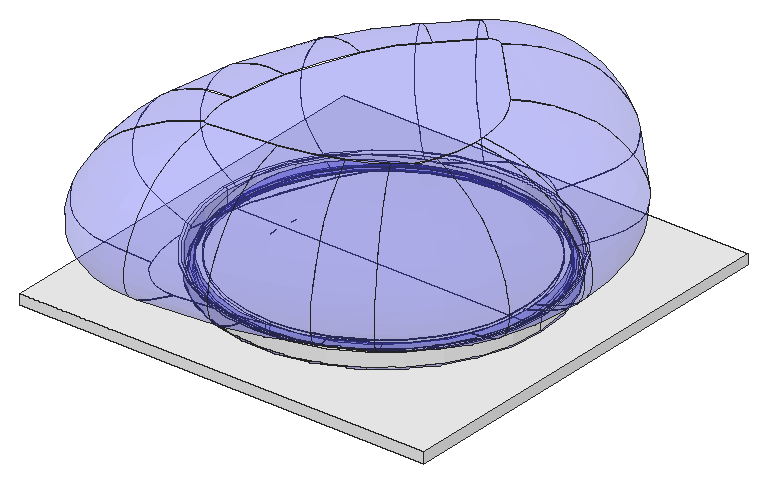
Revit family "BE_51130_de_DE", category Leuchten, Revit 2020
Family settings
  Basisbauteil = Fläche
  Bemaßung runder Anschluss = Durchmesser verwenden
  Teiletyp = Normal
  Beim Laden mit Abzugskörper schneiden = Ja
  Lichtquelle = Ja
  Gemeinsam genutzt = Nein
  Raumberechnungspunkt = Ja
Parameters (values of type "BEGA_51130_K3")
  built-in parameter 1150104 = 9.2977 (stored number, unit not read)
  Wattage = 26.4 W
  Default Elevation = 0 mm
  built-in parameter 1150113 = 1 (stored number, unit not read)
  built-in parameter 1114218 = 1 (stored number, unit not read)
  Umgebungstemperatur = "25 °C"
  URL = "https://www.bega.com/de/produkt/51130"
  Typenkommentare = "© 2022 BEGA. Wir behalten uns das Recht vor, technische Änderungen ohne vorherige Ankündigung vorzunehmen."  # constant formula
  built-in parameter 1150134 = (empty or 0)
  built-in parameter 1150109 = 1 (stored number, unit not read)
  Strom = ""
  built-in parameter 1150110 = 1 (stored number, unit not read)
  Spannung = 239.996 V
  Sonderanfertigung = no
  Seriennummer [instance] = "Hier können Sie die eindeutige Seriennummer für das Facility Management eintragen."
  Schutzklasse = "I"
  Schutzart = "IP 20"
  Scheinlast = 0 VA
  Produktdatenblatt = "https://cdn.bega.com/bega/products/51130K27/current/documents/data-sheets/de"
  Oberflächentemperatur = ""
  Neigungswinkel = 0.00°
  Modell = "51130K3"
  Material_34 = BEGA_Oberfläche_Samtweiss_matt
  Material_11 = BEGA_Glas_opal
  Logo = 0
  built-in parameter 1114217 = 1 (stored number, unit not read)
  built-in parameter 1150139 = (empty or 0)
  built-in parameter 1150105 = 210.25 (stored number, unit not read)
  built-in parameter 1150114 = 1 (stored number, unit not read)
  Lumens = 2642.11 lm
  built-in parameter 1150115 = 1 (stored number, unit not read)
  Leuchtenlichtstrom = "2642 lm"
  Leuchtenanzahl = ""
  Lebensdauerkriterien = "L70B50 @ 25 °C =  h"
  Lastklassifizierung = Beleuchtung
  built-in parameter 1150112 = 1 (stored number, unit not read)
  Lampenlichtstrom = "3970 lm"
  Lampe = "LED 26.4 W"
  LED_Modulbezeichnung = "LED-0510/930"
  built-in parameter 1150142 = (empty or 0)
  Hersteller = "BEGA"  # constant formula
  Halbstreuwinkel = ""
  Gewicht = ""
  Gebrauchslageneinschränkung [instance] = ""
  Frequenz = "0/50-60 Hz"
  Farbwiedergabeindex = "CRI > 90"
  Farbtemperaturverschiebung bei Dämpfen der Lampe = <Keine Auswahl>
  Farbtemperatur = "3000 K"
  Color Filter = 16777215
  built-in parameter 1150133 = 10 (stored number, unit not read)
  Energieeffizienzklasse = "LED A++ - A"
  built-in parameter 1150137 = (empty or 0)
  built-in parameter 1150132 = (empty or 0)
  ENEC = ""
  Dimmbar [instance] = "DALI"
  Datei für fotometrisches Netz = "BE_51130K3.IES"
  CE_Konformität = "ja"
  Bestellnummer = "51130K3"
  Beschreibung_Sonderanfertigung = "Hier können Sie Informationen zur Sonderanfertigung eintragen."
  Beschreibung = "Wandleuchte"
  built-in parameter 1150106 = 2.1025 (stored number, unit not read)
  Befestigungsbohrung = "Ø 5,5 mm"
  Befestigungsabstand = "230 mm"
  Ballwurfsicher = ""
  BEGA_Intern = yes
  BEGA_Dummy = no
  Anschlussleitung = ""
  Anschlussleistung [instance] = "30 W"
  Anschlusskasten = ""
  built-in parameter 1150107 = 3000 (stored number, unit not read)
  built-in parameter 1150102 = (empty or 0)
  built-in parameter 1150138 = (empty or 0)
  Aktualisierung = "2022-07-04T04:00:09"
  Abstand_zur_angestrahlten_Fläche [instance] = ""
  AC/DC = "AC/DC"
Types (2, lengths in mm): name | built-in parameter 1150104 | Modell | built-in parameter 1150105 | Lumens | Leuchtenlichtstrom | Lampenlichtstrom | LED_Modulbezeichnung | Farbtemperatur | Datei für fotometrisches Netz | Bestellnummer | built-in parameter 1150106 | built-in parameter 1150107
  BEGA_51130_K27 | 9.0014 (stored number, unit not read) | "51130K27" | 203.55 (stored number, unit not read) | 2557.9 lm | "2558 lm" | "3845 lm" | "LED-0510/927" | "2700 K" | "BE_51130K27.IES" | "51130K27" | 2.0355 (stored number, unit not read) | 2700 (stored number, unit not read)
  BEGA_51130_K3 | 9.2977 (stored number, unit not read) | "51130K3" | 210.25 (stored number, unit not read) | 2642.11 lm | "2642 lm" | "3970 lm" | "LED-0510/930" | "3000 K" | "BE_51130K3.IES" | "51130K3" | 2.1025 (stored number, unit not read) | 3000 (stored number, unit not read)
Reference planes
  plane 1 "Mitte (Vorne/Hinten)": y = 0
  plane 2: z = 0
  plane 3 "Mitte (Links/Rechts)": x = 0
  plane 4 "Links": x = -204.794
  plane 5 "Rechts": x = 203.359
  plane 6 "Unten": y = -220.295
  plane 7 "Oben": y = 240
  plane 8 "Vorne": z = 152.081
Forms (mm)
  Extrusion 1, solid, material "BEGA_Platte_Weiss"
    sketch origin (0, -1119.2, 0) x (1, 0, 0) y (0, 1, 0)
      loop
        line (-200, 1319.2) -> (-200, 919.2) -> (200, 919.2) -> (200, 1319.2) -> (-200, 1319.2)
    from 0 to -10
  Extrusion 2, solid, material "BEGA_Dummy_matt", visible <- "BEGA_Dummy"
    sketch origin (77.149, -76.023, 0) x (1, 0, 0) y (0, 1, 0)
      loop
        circle (-77.149, 76.023) r 250
    from 0 to 152.081
Dimensions and locks
  plane 1 "Mitte (Vorne/Hinten)" to Extrusion 1 = 200 mm
  aligned and locked: plane 2 to Extrusion 1
  aligned and locked: level to Extrusion 1
Nested families
  nested 1: "BE_51130_Leuchte" at (0, 0, 0), type "BE_51130_Leuchte"
Connectors
  electrical at (0, 0, 0), driven by "Lastklassifizierung", driven by "Spannung", driven by "Scheinlast"
    settings: index 1, voltage 239.996 V, apparent load 0 VA, apparent load phase1 0 VA, apparent load phase2 0 VA, apparent load phase3 0 VA, power factor 1, load classification "Beleuchtung", number of poles 1, system type 31, power factor state 1, is connector primary yes, connector utility no, sub classification motor no, connector description ""
Definition of nested family "BE_51130_Leuchte"
  Parameters (values of type "BE_51130_Leuchte")
    Default Elevation = 1 mm
    URL = "http://www.bega.de/de/produkt"
    Type Comments = "© 2015 BEGA. Wir behalten uns das Recht vor, technische Änderungen ohne vorherige Ankündigung vorzunehmen. "  # constant formula
    Type Image = (empty or 0)
    Material_34 = none
    Material_11 = none
    Länge_Platte = 200 mm  # constant formula
    Höhe_Platte = -10 mm  # constant formula
    Manufacturer = "BEGA"  # constant formula
    Breite_Platte = 200 mm  # constant formula
  Reference planes
    plane 1 "Mitte (Oben/Unten)": y = 0
    plane 2: z = 0
    plane 3 "Mitte (Links/Rechts)": x = 0
    plane 4: x = 203.359
    plane 5: y = 240
    plane 6: x = -204.794
    plane 7: y = -220.295
    plane 8: z = 152.081
  Forms (mm)
    Extrusion 1, solid, detail levels medium
      sketch origin (0, 0, 0) x (1, 0, 0) y (0, 1, 0)
        loop
          line (-100, 100) -> (-100, -100) -> (100, -100) -> (100, 100) -> (-100, 100)
      from 0 to -10 <- "Höhe_Platte"
    Extrusion 2, solid, material <- "Material_11"
      sketch origin (0, 0, 0) x (1, 0, 0) y (0, 1, 0)
        loop
          spline (208.405, 11.383) -> (132.069, 172.084) -> (37.346, 240.048) -> (-35.848, 236.046) -> (-120.683, 166.92) -> (-176.277, 71.229) -> (-205.14, -21.314) -> (-202.706, -124.361) -> (-155.527, -204.374) -> (-53.217, -223.804) -> (44.99, -206.323) -> (140.211, -157.178) -> (209.061, -11.23)
          arc (209.061, -11.23) -> (209.022, 0.084) -> (208.405, 11.383) r 221.774
      from 19.22 to 152.081
    Sweep 3, void
      path origin (0, 0, 0) x (1, 0, 0) y (0, 1, 0)
        loop
          arc (125.823, 4.759) -> (118.672, 46.375) -> (98.04, 83.217) r 124.672
          arc (98.04, 83.217) -> (67.451, 117.609) -> (35.194, 150.441) r 927.758
          arc (35.194, 150.441) -> (7.718, 161.565) -> (-19.757, 150.441) r 39.492
          arc (-19.757, 150.441) -> (-35.866, 134.587) -> (-51.719, 118.479) r 1414.967
          arc (-51.719, 118.479) -> (-73.193, 92.468) -> (-90.29, 63.393) r 212.947
          arc (-90.29, 63.393) -> (-105.004, 28.877) -> (-116.244, -6.921) r 380.276
          arc (-116.244, -6.921) -> (-122.417, -35.227) -> (-126.298, -63.937) r 360.639
          arc (-126.298, -63.937) -> (-125.513, -93.124) -> (-117.755, -121.272) r 120.902
          arc (-117.755, -121.272) -> (-104.528, -137.115) -> (-84.603, -142.496) r 34.29
          arc (-84.603, -142.496) -> (-50.131, -140.112) -> (-15.839, -135.861) r 636.629
          arc (-15.839, -135.861) -> (15.961, -128.82) -> (46.525, -117.567) r 241.644
          arc (46.525, -117.567) -> (64.353, -108.849) -> (81.536, -98.92) r 287.116
          arc (81.536, -98.92) -> (102.953, -79.972) -> (117.034, -55.084) r 86.628
          arc (117.034, -55.084) -> (123.609, -30.547) -> (125.823, -5.241) r 145.732
          line (125.823, -5.241) -> (125.823, 4.759)
      profile origin (125.823, -0.241, 0) x (1, 0, 0) y (0, 0, 1)
        loop
          spline (-30.843, 152.081) -> (3.509, 145.897) -> (23.501, 137.835) -> (35.767, 131.651) -> (45.195, 124.753) -> (55.556, 114.26) -> (65.909, 100.557) -> (73.756, 85.128) -> (77.401, 69.442) -> (76.127, 54.948) -> (68.854, 42.85) -> (50.211, 31.856) -> (12.326, 19.22)
          line (12.326, 19.22) -> (12.326, 7.045) -> (117.326, 7.045) -> (117.326, 152.081) -> (-30.843, 152.081)
    Revolve 4, solid, material <- "Material_11"
      sketch origin (0, 0, 0) x (0, 1, 0) y (0, 0, 1)
        loop
          line (144.634, 30.527) -> (140, 30.527) -> (140, 16.077)
          arc (140, 16.077) -> (142.003, 11.383) -> (146.778, 9.576) r 6.5
          arc (146.778, 9.576) -> (147.481, 9.328) -> (147.817, 8.664) r 1
          line (147.817, 8.664) -> (147.963, 7) -> (151.478, 7) -> (151.311, 10.178)
          arc (151.311, 10.178) -> (150.891, 11.304) -> (149.901, 11.985) r 2
          line (149.901, 11.985) -> (147.271, 12.798)
          arc (147.271, 12.798) -> (146.424, 13.457) -> (146.04, 14.459) r 2
          line (146.04, 14.459) -> (144.634, 30.527)
        axis (0, 30.527) -> (0, 7)
      angle from 0 to 360
    Revolve 5, solid, material <- "Material_34"
      sketch origin (0, 0, 0) x (1, 0, 0) y (0, 0, 1)
        loop
          line (-159, 20.8) -> (-159, 19.8) -> (-156.827, 19.8)
          arc (-156.827, 19.8) -> (-156.266, 19.571) -> (-156.024, 19.014) r 0.8
          line (-156.024, 19.014) -> (-155.767, 4.265)
          arc (-155.767, 4.265) -> (-155.169, 2.873) -> (-153.767, 2.3) r 2
          line (-153.767, 2.3) -> (-124.43, 2.3) -> (-123.399, 1.072)
          arc (-123.399, 1.072) -> (-122.369, 0.281) -> (-121.101, 0) r 3
          line (-121.101, 0) -> (-108.899, 0)
          arc (-108.899, 0) -> (-107.631, 0.281) -> (-106.601, 1.072) r 3
          line (-106.601, 1.072) -> (-105.57, 2.3) -> (0, 2.3) -> (0, 7) -> (-151.479, 7) -> (-151.673, 3.3) -> (-154.75, 3.3) -> (-155.028, 19.031)
          arc (-155.028, 19.031) -> (-155.566, 20.284) -> (-156.828, 20.8) r 1.8
          line (-156.828, 20.8) -> (-159, 20.8)
        axis (0, 20.8) -> (0, 0)
      angle from 0 to 360
  Cuts and joins
    Sweep 3 cuts Extrusion 2
    joined: Extrusion 2, Revolve 4
  Dimensions and locks
    equal spacing: Extrusion 1 sketch curve, plane 3 "Mitte (Links/Rechts)", Extrusion 1 sketch curve
    equal spacing: Extrusion 1 sketch curve, plane 1 "Mitte (Oben/Unten)", Extrusion 1 sketch curve
    "Länge_Platte": Extrusion 1 sketch curve to Extrusion 1 sketch curve
    "Breite_Platte": Extrusion 1 sketch curve to Extrusion 1 sketch curve
    plane 1 "Mitte (Oben/Unten)" to Extrusion 1 = 100 mm  (x3)
    aligned and locked: plane 2 to Extrusion 1
    aligned and locked: level to Extrusion 1
  Automatic sketch dimensions
    Extrusion 2 sketch curve to Extrusion 2 sketch curve = 0.656 mm
    plane 1 "Mitte (Oben/Unten)" to Sweep 3 sketch curve = 5.241 mm
    plane 3 "Mitte (Links/Rechts)" to Sweep 3 sketch curve = 1.151 mm
    Sweep 3 sketch curve to Sweep 3 sketch curve = 65.612 mm
    Sweep 3 sketch curve to Sweep 3 sketch curve = 24.58 mm
    Sweep 3 sketch curve to Sweep 3 sketch curve = 19.003 mm
    Sweep 3 sketch curve to Sweep 3 sketch curve = 49.851 mm
    plane 1 "Mitte (Oben/Unten)" to Sweep 3 sketch curve = 97.851 mm
    Sweep 3 sketch curve to Sweep 3 sketch curve = 4.951 mm
    Sweep 3 sketch curve to Sweep 3 sketch curve = 32.929 mm
    Sweep 3 sketch curve to plane 1 "Mitte (Oben/Unten)" = 4.759 mm
    Sweep 3 sketch curve to Sweep 3 sketch curve = 19.021 mm
    Sweep 3 sketch curve to Sweep 3 sketch curve = 41.516 mm
    Sweep 3 sketch curve to Sweep 3 sketch curve = 0 mm  (x11)
    Sweep 3 sketch curve to profile plane = 12.326 mm
    Sweep 3 sketch curve to profile plane = 117.326 mm
    level to Sweep 3 sketch curve = 7.045 mm
    Sweep 3 sketch curve to Sweep 3 sketch curve = 12.176 mm
    Sweep 3 sketch curve to Sweep 3 sketch curve = 145.037 mm
    profile plane to Sweep 3 sketch curve = 30.843 mm
    Revolve 4 sketch curve to plane 1 "Mitte (Oben/Unten)" = 0 mm
    level to Revolve 4 sketch curve = 16.077 mm
    Revolve 4 sketch curve to Revolve 4 sketch curve = 4.634 mm
    level to Revolve 4 sketch curve = 14.459 mm
    Revolve 4 sketch curve to Revolve 4 sketch curve = 6.04 mm
    Revolve 4 sketch curve to Revolve 4 sketch curve = 0.46 mm
    Revolve 4 sketch curve to Revolve 4 sketch curve = 0.781 mm
    Revolve 4 sketch curve to Revolve 4 sketch curve = 1.142 mm
    Revolve 4 sketch curve to Revolve 4 sketch curve = 1.991 mm
    Revolve 4 sketch curve to Revolve 4 sketch curve = 2.493 mm
    level to Revolve 4 sketch curve = 11.985 mm
    Revolve 4 sketch curve to Revolve 4 sketch curve = 0.587 mm
    level to Revolve 4 sketch curve = 7 mm
    Revolve 4 sketch curve to Revolve 4 sketch curve = 3.515 mm
    Revolve 4 sketch curve to Revolve 4 sketch curve = 1.577 mm
    Revolve 4 sketch curve to Revolve 4 sketch curve = 1.912 mm
    Revolve 4 sketch curve to Revolve 4 sketch curve = 0.189 mm
    Revolve 4 sketch curve to Revolve 4 sketch curve = 14.45 mm
    Revolve 4 sketch curve to Revolve 4 sketch curve = 0.043 mm
    Revolve 4 sketch curve to Revolve 4 sketch curve = 0 mm  (x4)
    Revolve 4 sketch curve to Revolve 4 sketch curve = 0.76 mm
    level to Revolve 4 sketch curve = 12.785 mm
    Revolve 4 sketch curve to Revolve 4 sketch curve = 0.013 mm
    Revolve 4 sketch curve to Revolve 4 sketch curve = 0.996 mm
    level to Revolve 4 sketch curve = 8.664 mm
    Revolve 4 sketch curve to Revolve 4 sketch curve = 1.997 mm
    level to Revolve 4 sketch curve = 10.178 mm
    level to Revolve 5 sketch curve = 20.8 mm
    Revolve 5 sketch curve to Revolve 5 sketch curve = 2.172 mm
    Revolve 5 sketch curve to Revolve 5 sketch curve = 1 mm
    Revolve 5 sketch curve to Revolve 5 sketch curve = 0.001 mm
    Revolve 5 sketch curve to Revolve 5 sketch curve = 0.8 mm  (x2)
    Revolve 5 sketch curve to Revolve 5 sketch curve = 1.8 mm
    Revolve 5 sketch curve to Revolve 5 sketch curve = 0 mm  (x2)
    Revolve 5 sketch curve to Revolve 5 sketch curve = 0.26 mm
    Revolve 5 sketch curve to Revolve 5 sketch curve = 0.035 mm
    level to Revolve 5 sketch curve = 19.014 mm
    Revolve 5 sketch curve to Revolve 5 sketch curve = 0.002 mm
    level to Revolve 5 sketch curve = 19.031 mm
    Revolve 5 sketch curve to Revolve 5 sketch curve = 0.003 mm
    level to Revolve 5 sketch curve = 3.3 mm
    Revolve 5 sketch curve to Revolve 5 sketch curve = 1.017 mm
    Revolve 5 sketch curve to Revolve 5 sketch curve = 0.983 mm
    Revolve 5 sketch curve to Revolve 5 sketch curve = 3.077 mm
    Revolve 5 sketch curve to Revolve 5 sketch curve = 27.243 mm
    level to Revolve 5 sketch curve = 3 mm  (x2)
    Revolve 5 sketch curve to Revolve 5 sketch curve = 42.774 mm
    level to Revolve 5 sketch curve = 2.3 mm  (x2)
    Revolve 5 sketch curve to Revolve 5 sketch curve = 1.031 mm  (x2)
    level to Revolve 5 sketch curve = 1.072 mm  (x4)
    Revolve 5 sketch curve to Revolve 5 sketch curve = 2.288 mm
    level to Revolve 5 sketch curve = 7 mm
    Revolve 5 sketch curve to plane 3 "Mitte (Links/Rechts)" = 0 mm  (x2)
    Revolve 5 sketch curve to level = 0 mm
    Revolve 5 sketch curve to Revolve 5 sketch curve = 2.298 mm
    Revolve 4 sketch curve to level = 609.6 mm
    Sweep 3 sketch curve to Sweep 3 sketch curve = 115.709 mm
    Sweep 3 sketch curve to plane 3 "Mitte (Links/Rechts)" = 610.268 mm
    Sweep 3 sketch curve to plane 3 "Mitte (Links/Rechts)" = 111.268 mm
    Revolve 5 sketch curve to level = 609.6 mm
    Revolve 4 sketch curve to Revolve 4 sketch curve = 2313.28 mm
    Revolve 5 sketch curve to Revolve 5 sketch curve = 2588.258 mm
    Sweep 3 sketch curve to plane 3 "Mitte (Links/Rechts)" = 86.04 mm
    Sweep 3 sketch curve to plane 3 "Mitte (Links/Rechts)" = 70.612 mm
    Sweep 3 sketch curve to Sweep 3 sketch curve = 18.551 mm
    Sweep 3 sketch curve to plane 3 "Mitte (Links/Rechts)" = 19.909 mm
    Sweep 3 sketch curve to plane 3 "Mitte (Links/Rechts)" = 5.931 mm
    Revolve 5 sketch curve to Revolve 5 sketch curve = 105.57 mm
    Extrusion 2 sketch curve to plane 3 "Mitte (Links/Rechts)" = 12.659 mm
    plane 3 "Mitte (Links/Rechts)" to Sweep 3 sketch curve = 7.718 mm
    plane 3 "Mitte (Links/Rechts)" to Sweep 3 sketch curve = 35.631 mm
    Sweep 3 sketch curve to Sweep 3 sketch curve = 349.007 mm
    plane 3 "Mitte (Links/Rechts)" to Extrusion 2 sketch curve = 208.405 mm
    plane 1 "Mitte (Oben/Unten)" to Extrusion 2 sketch curve = 6.347 mm
    Sweep 3 sketch curve to Sweep 3 sketch curve = 106.92 mm
    plane 3 "Mitte (Links/Rechts)" to Sweep 3 sketch curve = 964.667 mm
    plane 1 "Mitte (Oben/Unten)" to Sweep 3 sketch curve = 29.673 mm
    plane 1 "Mitte (Oben/Unten)" to Extrusion 2 sketch curve = 11.23 mm
    Sweep 3 sketch curve to plane 1 "Mitte (Oben/Unten)" = 103.053 mm
    Sweep 3 sketch curve to Sweep 3 sketch curve = 40.258 mm
    Revolve 4 sketch curve to plane 1 "Mitte (Oben/Unten)" = 140 mm
    plane 1 "Mitte (Oben/Unten)" to Sweep 3 sketch curve = 515.978 mm
    plane 1 "Mitte (Oben/Unten)" to Sweep 3 sketch curve = 865.945 mm
